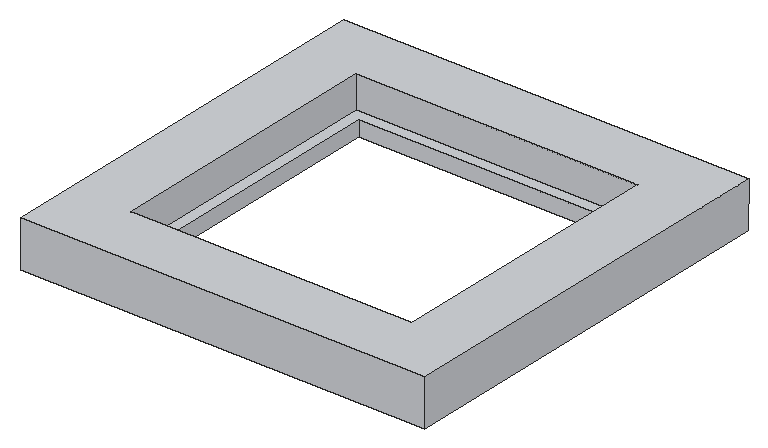
Revit family "Gira_021129", category Electrical Fixtures, host Face, Revit 2017
Family settings
  Host = Face
  Maintain Annotation Orientation = No
  Round Connector Dimension = Use Diameter
  Part Type = Normal
  Cut with Voids When Loaded = No
  Shared = No
  Room Calculation Point = No
Parameters (values of type "Cov.fr. 1-g Gira E2 p.white")
  With mounting grid = "No"
  With hinged lid = "No"
  URL = "http://katalog.gira.de/en/datenblatt.html?artikelnr=021129"
  Type of fastening = "Clamp mounting"
  Transparent = "No"
  Surface protection = "Other"
  Surface finishing = "Glossy"
  Suitable for wall duct = "No"
  Suitable for flush-mounted installation = "Yes"
  Suitable for floor box = "No"
  Suitable for built-in installation = "No"
  RAL-number (akin) = "9010"
  Number of units vertical = "1"
  Number of units horizontal = "1"
  Number of units = "1"
  Name = "Cov.fr. 1-g Gira E2 p.white"
  Mounting direction = "Horizontal and vertical"
  Material quality = "Thermoplastic"
  Material = "Plastic"
  Manufacturer URL = "https://www.gira.de/"
  Manufacturer = "Gira"
  Label space/information surface = "No"
  Keynote = ""
  HeinzeBIM = "https://bimportal.heinze.de/bim/cov-fr-1-g-gira-e2-p-white/252a1ec4206c4ba1a7131cf35eb65483ac09cb5a"
  Halogen free = "Yes"
  HAN = "021129"
  GTIN = "4010337211297"
  Description = "Cov.fr.1g E2 PW,Gira E2 cover frame,pure white glossy,1-gang,Features:,- Shatter-proof.,,Notes :,- Also suitable for duct installation.,- In connection with the seal kit, frame (1-gang to 5-gang) is also suitable for installation as water-protected flush-mounted IP44."
  Degree of protection (IP) = "IP20"
  Default Elevation = 1219.2 mm
  Data sheet (1) = "https://katalog.gira.de/en/download.html?artikelnr=021129"
  Colour = "White"
  Category = "Cover frame for domestic switching devices"
  BIM (1) = "https://media.stage.bim.site/public/gira/36a6b08/E2_Rahmen_1fach.rfa"
  Available = "No"
Reference planes
  plane 1 "Center (Front/Back)": y = 0
  plane 2: z = 0
  plane 3 "Center (Left/Right)": x = 0
Forms (mm)
  Extrusion 1, solid, detail levels fine
    sketch origin (0, 0, 0) x (1, 0, 0) y (0, 1, 0)
      loop
        line (40.4, 40.4) -> (-40.4, 40.4) -> (-40.4, -40.4) -> (40.4, -40.4) -> (40.4, 40.4)
      loop
        line (-28.152, 28.1) -> (-28.152, -28.152) -> (28.1, -28.152) -> (28.1, 28.1) -> (-28.152, 28.1)
    from 0 to 9.3
  Extrusion 2, solid, detail levels fine
    sketch origin (0, 0, 0) x (1, 0, 0) y (0, 1, 0)
      loop
        line (-28.152, -28.152) -> (28.1, -28.152) -> (28.1, 28.1) -> (-28.152, 28.1) -> (-28.152, -28.152)
      loop
        line (25.7, -25.7) -> (25.7, 25.7) -> (-25.7, 25.7) -> (-25.7, -25.7) -> (25.7, -25.7)
    from 0 to 3
  Extrusion 3, solid, detail levels coarse+medium
    sketch origin (0, 0, 0) x (1, 0, 0) y (0, 1, 0)
      loop
        line (40.4, 40.4) -> (-40.4, 40.4) -> (-40.4, -40.4) -> (40.4, -40.4) -> (40.4, 40.4)
    from 0 to 9.3
Dimensions and locks
  aligned and locked: plane 2 to host face
  aligned and locked: level to host face
